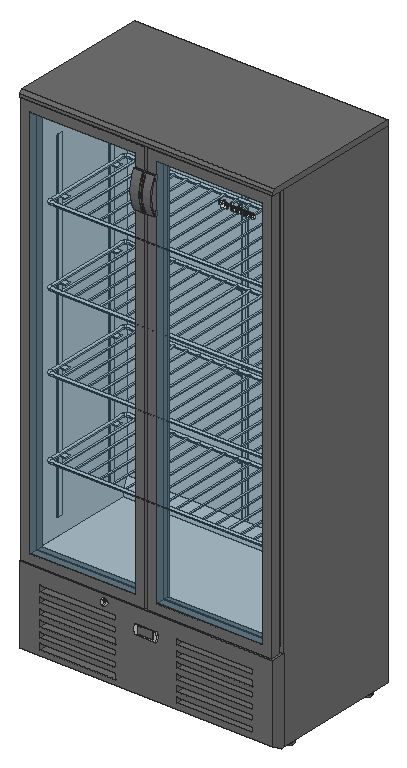
Revit family "QF_INFRICO_ERV83_250807111343", category Specialty Equipment, Revit 2021
Family settings
  Round Connector Dimension = Use Diameter
  Part Type = Normal
  OmniClass Number = 23.40.40.14
  OmniClass Title = Food Service Equipment
  Work Plane-Based = No
  Always vertical = Yes
  Cut with Voids When Loaded = No
  Shared = No
  Room Calculation Point = No
Parameters (values of type "ERV83")
  Weight [instance] = 138.999 kg
  Warranty Start Date [instance] = ""
  Warranty Duration [instance] = ""
  Volts [instance] = 230 V
  Volt Free Conn [instance] = no
  URL Recommended Spares List [instance] = ""
  URL Manufacturer [instance] = ""
  URL Cutsheet [instance] = ""
  URL Critical Spares List [instance] = ""
  URL = "www.infrico.com"
  Technical Documentation [instance] = ""
  Tag Number [instance] = ""
  Status [instance] = ""
  Start Up Current [instance] = 0 A
  Specification by User [instance] = ""
  Specification by Manufacturer [instance] = ""
  Sound Level [instance] = ""
  Show Logo [instance] = yes
  Show Clearances [instance] = yes
  Service Life Duration [instance] = ""
  Serial Number [instance] = ""
  Seismic Rating [instance] = ""
  SMACNA No [instance] = ""
  Revision Code [instance] = ""
  Revision [instance] = ""
  Production Year [instance] = ""
  Potential Equalisation [instance] = no
  Point Load [instance] = 0
  Phase [instance] = 1
  Other Equipment Approvals [instance] = ""
  Operational Current [instance] = 0 A
  Number of Poles [instance] = 2
  No Load Power Draw [instance] = no
  NAFEM Spec ID Number [instance] = ""
  Model Warning [instance] = ""
  Model = "ERV83"
  Min Ckt Ampacity [instance] = 0 A
  Max Overcurrent Protection [instance] = 0 A
  Masterspec [instance] = ""
  Manufacturer = "INFRICO"
  Main switch integrated [instance] = no
  Length Actual [instance] = 899.922 mm
  Item Number [instance] = ""
  Installed By [instance] = ""
  Installation Date [instance] = ""
  Identify Quantity as Lot [instance] = no
  ID [instance] = ""
  Hygiene Approval [instance] = ""
  Height Actual [instance] = 1819.91 mm
  HP power [instance] = ""
  Furnished By [instance] = ""
  Foodservice Equipment Identifier [instance] = no
  FL Amps [instance] = 0 A
  Electrical Remarks [instance] = ""
  Electric power [instance] = 440 W
  Electric Connection Type [instance] = ""
  Elec Conn RI Height [instance] = 0 mm
  Elec Conn Connection Height [instance] = 0 mm
  ETL Approved [instance] = no
  Description = "GLASS DOOR MERCHANDISER - TWO DOORS - R290"
  Depth Actual [instance] = 510.032 mm
  Default Elevation = 0 mm
  Cycle [instance] = 50 Hz
  Cost = 0
  Connection to energy optimisation system [instance] = yes
  Conn Plug [instance] = ""
  Conn Conduit [instance] = no
  Centralized building control system with digital interface [instance] = ""
  CSI MasterFormat [instance] = ""
  CE Approved [instance] = no
  Barcode [instance] = 0
  Author [instance] = ""
  Asset Identifier [instance] = ""
  Apparent Power [instance] = 440 VA
  Accessory [instance] = no
Reference planes
  plane 1 "Center (Front/Back)": y = 0
  plane 2: z = 0
  plane 3 "Center (Left/Right)": x = 0
Forms (mm)
  Extrusion 1, solid, not visible
    sketch origin (827.04, -4, 285.014) x (1, 0, 0) y (0, 1, 0)
      loop
        line (-2, 2) -> (-2, -2) -> (2, -2) -> (2, 2) -> (-2, 2)
    from -2 to 2
Dimensions and locks
  locked: Extrusion 1 to nested 2
  locked: nested 2 to Extrusion 1 at 2
  aligned and locked: level to plane 2
Nested families
  nested 1: "QF_INFRICO_ERV83_2920" at (0, 0, 0), type "ERV83"
    with Weight 138.999 kg, Warranty Start Date "", Warranty Duration "", URL Cutsheet "", Technical Documentation "", Tag Number "", Status "", Specification by User "", Specification by Manufacturer "", Sound Level "", Solid Fuel Type "", Show Logo yes, Show Clearances yes, Show Clearance yes, Service Life Duration "", Serial Number "", Seismic Rating "", SMACNA No "", Revision Code "", Revision "", Production Year "", Point Load 0, Other Equipment Approvals "", NAFEM Spec ID Number "", Model Warning "", Masterspec "", Length Actual 899.922 mm, Item Number "", Installed By "", Installation Date "", Identify Quantity as Lot yes, ID "", Hygiene Approval "", Height Actual 1819.91 mm, Furnished By "", Foodservice Equipment Identifier yes, ETL Approved yes, Depth Actual 510.032 mm, CSI MasterFormat "", CE Approved no, Barcode "", Author "", Asset Identifier "", Accessory no
  nested 2: "CONN_POINT_ELE_2D___Generic_Annotation" at (827.04, -2, 285.014), type "CONN_POINT_ELE_2D___Generic_Annotation"
    with Onboard connection annotation symbol visibility yes
Connectors
  electrical at (827.04, -2, 285.014), driven by "Apparent Power", driven by "Number of Poles", driven by "Volts"
    settings: on Extrusion 1, index 1, voltage 230 V, apparent load 0 VA, apparent load phase1 440 VA, apparent load phase2 0 VA, apparent load phase3 0 VA, power factor 1, load classification "Other", number of poles 2, system type 31, power factor state 1, is connector primary yes, connector utility no, sub classification motor no, connector description "Electrical connection for ERV83"
Definition of nested family "QF_INFRICO_ERV83_2920"
  Parameters (values of type "ERV83")
    Weight [instance] = 0.00 kg
    Warranty Start Date [instance] = ""
    Warranty Duration [instance] = ""
    URL Cutsheet [instance] = ""
    URL = "www.infrico.com"
    Technical Documentation [instance] = ""
    Tag Number [instance] = ""
    Status [instance] = ""
    Specification by User [instance] = ""
    Specification by Manufacturer [instance] = ""
    Sound Level [instance] = ""
    Solid Fuel Type [instance] = ""
    Show Logo [instance] = yes
    Show Clearances [instance] = yes
    Show Clearance [instance] = yes
    Service Life Duration [instance] = ""
    Serial Number [instance] = ""
    Seismic Rating [instance] = ""
    SMACNA No [instance] = ""
    Revision Code [instance] = ""
    Revision [instance] = ""
    Production Year [instance] = ""
    Point Load [instance] = 0
    Other Equipment Approvals [instance] = ""
    NAFEM Spec ID Number [instance] = ""
    Model Warning [instance] = ""
    Model = "ERV83"
    Masterspec [instance] = ""
    Manufacturer = "INFRICO"
    Length Actual [instance] = 0 mm
    Item Number [instance] = ""
    Installed By [instance] = ""
    Installation Date [instance] = ""
    Identify Quantity as Lot [instance] = yes
    ID [instance] = ""
    Hygiene Approval [instance] = ""
    Height Actual [instance] = 0 mm
    Furnished By [instance] = ""
    Foodservice Equipment Identifier [instance] = yes
    ETL Approved [instance] = yes
    Description = "GLASS DOOR MERCHANDISER - TWO DOORS - R290"
    Depth Actual [instance] = 0 mm
    Default Elevation = 0 mm
    CSI MasterFormat [instance] = ""
    CE Approved [instance] = yes
    Barcode [instance] = ""
    Author [instance] = ""
    Asset Identifier [instance] = ""
    Assembly Code = "E1090320"
    Accessory [instance] = yes
  Reference planes
    plane 1 "Back": y = 0
    plane 2: z = 0
    plane 3 "Left": x = 0
    plane 4 "Right": x = 900
    plane 5 "Front": y = -510
    plane 6 "Top": z = 1820
  Forms (mm)
    Extrusion 1, solid
      sketch origin (0, 0, -18) x (0, 1, 0) y (0, 0, 1)
        loop
          line (0, 1805) -> (-460, 1805) -> (-460, 30) -> (0, 30) -> (0, 1805)
      from 0 to 30
    Extrusion 2, solid
      sketch origin (0, 0, 887) x (0, 1, 0) y (0, 0, 1)
        loop
          line (0, 900) -> (0, 920) -> (-500, 920) -> (-510, 910) -> (-510, 900) -> (0, 900)
      from 0 to 900
    Extrusion 3, solid
      sketch origin (870, 0, -18) x (0, 1, 0) y (0, 0, 1)
        loop
          line (0, 1805) -> (-460, 1805) -> (-460, 30) -> (0, 30) -> (0, 1805)
      from 0 to 30
    Extrusion 4, solid
      sketch origin (0, 0, 62) x (1, 0, 0) y (0, 0, 1)
        loop
          line (30, 1716.5) -> (30, 262) -> (870, 262) -> (870, 1716.5) -> (30, 1716.5)
      from 0 to 12
    Extrusion 5, solid
      sketch origin (0, 0, -13) x (1, 0, 0) y (0, 0, 1)
        loop
          line (30, 337) -> (30, 25) -> (870, 25) -> (870, 337) -> (30, 337)
      from 0 to 12
    Extrusion 6, solid
      sketch origin (0, 0, -13) x (0, 1, 0) y (0, 0, 1)
        loop
          line (-12, 25) -> (-12, 35) -> (-460, 35) -> (-460, 25) -> (-12, 25)
      from 30 to 870
    Extrusion 7, solid
      sketch origin (0, 0, -112) x (0, 1, 0) y (0, 0, 1)
        loop
          line (-460, 144) -> (-510, 144) -> (-473, 124) -> (-460, 124) -> (-460, 144)
      from 0 to 900
    Extrusion 8, solid
      sketch origin (-562.5, -515, -301) x (1, 0, 0) y (0, 0, -1)
        loop
          arc (974, -555) -> (1012.5, -557) -> (1051, -555) r 371.563
          arc (1051, -555) -> (1052, -539) -> (1051, -523) r 128.5
          arc (1051, -523) -> (1012.5, -521) -> (974, -523) r 371.563
          arc (974, -523) -> (973, -539) -> (974, -555) r 128.5
      from 0 to 5
    Extrusion 9, solid
      sketch origin (-562.5, -515.1, -301) x (1, 0, 0) y (0, 0, -1)
        loop
          line (1038, -528.124) -> (987, -528.124) -> (987, -556.124)
          arc (987, -556.124) -> (1012.5, -557) -> (1038, -556.124) r 371.563
          line (1038, -556.124) -> (1038, -528.124)
      from 0 to 2
    Extrusion 10, solid
      sketch origin (450, -480, 215.5) x (1, 0, 0) y (0, 0, 1)
        loop
          line (5, 1569.5) -> (5, 97.5) -> (445, 97.5) -> (445, 1569.5) -> (5, 1569.5)
        loop
          line (413, 1537.5) -> (37, 1537.5) -> (37, 129.5) -> (413, 129.5) -> (413, 1537.5)
      from 0 to 30
    Extrusion 11, solid
      sketch origin (-550, -460, 215.5) x (1, 0, 0) y (0, 0, 1)
        loop
          line (1015, 1559.5) -> (1015, 107.5) -> (1435, 107.5) -> (1435, 1559.5) -> (1015, 1559.5)
        loop
          line (1037, 1537.5) -> (1037, 129.5) -> (1413, 129.5) -> (1413, 1537.5) -> (1037, 1537.5)
      from 0 to 20
    Extrusion 12, solid, visible <- "Show Logo"
      sketch origin (-453.231, -510, 994.214) x (1, 0, 0) y (0, 0, 1)
        loop
          line (1208.799, 696.53) -> (1208.799, 719.204) -> (1204.173, 719.204) -> (1204.173, 696.53) -> (1208.799, 696.53)
        loop
          line (1214.779, 713.006) -> (1211.283, 713.006) -> (1211.283, 696.53) -> (1215.772, 696.53) -> (1215.772, 707.832)
          arc (1215.772, 707.832) -> (1217.528, 708.741) -> (1219.417, 709.324) r 11.052
          arc (1219.417, 709.324) -> (1220.929, 708.961) -> (1221.598, 707.557) r 1.806
          line (1221.598, 707.557) -> (1221.598, 696.53) -> (1226.121, 696.53) -> (1226.121, 708.689)
          arc (1226.121, 708.689) -> (1224.637, 712.075) -> (1221.141, 713.281) r 4.607
          arc (1221.141, 713.281) -> (1218.282, 712.674) -> (1215.669, 711.361) r 11.435
          line (1215.669, 711.361) -> (1215.601, 712.184)
          arc (1215.601, 712.184) -> (1215.36, 712.765) -> (1214.779, 713.006) r 0.822
        loop
          line (1238.557, 720.102) -> (1237.306, 720.102)
          arc (1237.306, 720.102) -> (1235.052, 719.926) -> (1232.881, 719.297) r 11.103
          arc (1232.881, 719.297) -> (1230.805, 717.616) -> (1230.024, 715.062) r 4.567
          line (1230.024, 715.062) -> (1230.024, 712.909) -> (1227.351, 712.703) -> (1227.351, 709.374) -> (1230.024, 709.374) -> (1230.024, 696.53) -> (1234.547, 696.53) -> (1234.547, 709.374) -> (1238.249, 709.374) -> (1238.249, 712.938) -> (1234.547, 712.938) -> (1234.547, 714.548)
          arc (1234.547, 714.548) -> (1234.956, 715.705) -> (1236.045, 716.271) r 1.67
          line (1236.045, 716.271) -> (1237.7, 716.399)
          arc (1237.7, 716.399) -> (1238.306, 716.65) -> (1238.557, 717.255) r 0.857
          line (1238.557, 717.255) -> (1238.557, 720.102)
        loop
          line (1239.479, 713.006) -> (1239.479, 696.53) -> (1243.968, 696.53) -> (1243.968, 707.352)
          arc (1243.968, 707.352) -> (1245.873, 708.631) -> (1248.077, 709.268) r 7.435
          line (1248.077, 709.268) -> (1249.241, 709.416)
          arc (1249.241, 709.416) -> (1249.643, 709.758) -> (1249.793, 710.265) r 0.928
          line (1249.793, 710.265) -> (1249.793, 712.458)
          arc (1249.793, 712.458) -> (1249.531, 713.061) -> (1248.912, 713.28) r 0.824
          arc (1248.912, 713.28) -> (1246.197, 712.588) -> (1243.899, 710.984) r 7.833
          line (1243.899, 710.984) -> (1243.726, 713.006) -> (1239.479, 713.006)
        loop
          line (1255.495, 696.53) -> (1255.495, 713.006) -> (1251.006, 713.006) -> (1251.006, 696.53) -> (1255.495, 696.53)
        loop
          arc (1257.421, 701.327) -> (1258.567, 698.188) -> (1261.466, 696.525) r 4.873
          arc (1261.466, 696.525) -> (1264.493, 696.266) -> (1267.521, 696.525) r 17.816
          arc (1267.521, 696.525) -> (1270.575, 699.134) -> (1271.505, 703.041) r 6.481
          line (1271.505, 703.041) -> (1267.187, 703.041) -> (1267.187, 701.67)
          arc (1267.187, 701.67) -> (1266.64, 700.452) -> (1265.442, 699.865) r 1.965
          arc (1265.442, 699.865) -> (1264.547, 699.816) -> (1263.653, 699.865) r 8.196
          arc (1263.653, 699.865) -> (1262.417, 700.415) -> (1261.91, 701.67) r 1.806
          line (1261.91, 701.67) -> (1261.91, 707.9)
          arc (1261.91, 707.9) -> (1262.417, 709.155) -> (1263.653, 709.705) r 1.806
          arc (1263.653, 709.705) -> (1264.547, 709.754) -> (1265.442, 709.705) r 8.196
          arc (1265.442, 709.705) -> (1266.64, 709.118) -> (1267.187, 707.9) r 1.965
          line (1267.187, 707.9) -> (1267.187, 706.838) -> (1271.505, 706.838)
          arc (1271.505, 706.838) -> (1270.524, 710.556) -> (1267.521, 712.959) r 6.132
          arc (1267.521, 712.959) -> (1264.493, 713.294) -> (1261.466, 712.959) r 13.851
          arc (1261.466, 712.959) -> (1258.571, 711.349) -> (1257.421, 708.243) r 4.772
          line (1257.421, 708.243) -> (1257.421, 701.327)
        loop
          arc (1272.916, 701.329) -> (1273.993, 698.345) -> (1276.726, 696.734) r 4.676
          arc (1276.726, 696.734) -> (1278.515, 696.455) -> (1280.318, 696.291) r 28.371
          arc (1280.318, 696.291) -> (1282.122, 696.455) -> (1283.911, 696.734) r 28.371
          arc (1283.911, 696.734) -> (1286.644, 698.345) -> (1287.72, 701.329) r 4.676
          line (1287.72, 701.329) -> (1287.72, 708.242)
          arc (1287.72, 708.242) -> (1286.644, 711.226) -> (1283.911, 712.837) r 4.676
          arc (1283.911, 712.837) -> (1282.122, 713.116) -> (1280.318, 713.28) r 28.371
          arc (1280.318, 713.28) -> (1278.515, 713.116) -> (1276.726, 712.837) r 28.371
          arc (1276.726, 712.837) -> (1273.993, 711.226) -> (1272.916, 708.242) r 4.676
          line (1272.916, 708.242) -> (1272.916, 701.329)
        loop
          line (1277.405, 707.866) -> (1277.405, 701.705)
          arc (1277.405, 701.705) -> (1277.844, 700.556) -> (1278.936, 699.991) r 1.725
          arc (1278.936, 699.991) -> (1279.627, 699.918) -> (1280.318, 699.856) r 46.133
          arc (1280.318, 699.856) -> (1281.01, 699.918) -> (1281.701, 699.991) r 46.133
          arc (1281.701, 699.991) -> (1282.793, 700.556) -> (1283.231, 701.705) r 1.725
          line (1283.231, 701.705) -> (1283.231, 707.866)
          arc (1283.231, 707.866) -> (1282.793, 709.015) -> (1281.701, 709.58) r 1.725
          arc (1281.701, 709.58) -> (1281.01, 709.653) -> (1280.318, 709.716) r 46.133
          arc (1280.318, 709.716) -> (1279.627, 709.653) -> (1278.936, 709.58) r 46.133
          arc (1278.936, 709.58) -> (1277.844, 709.015) -> (1277.405, 707.866) r 1.725
        loop
          arc (1190.339, 696.543) -> (1191.411, 696.987) -> (1191.856, 698.059) r 1.516
          line (1191.856, 698.059) -> (1191.856, 703.891) -> (1196.035, 703.891)
          arc (1196.035, 703.891) -> (1196.79, 704.121) -> (1197.218, 704.782) r 1.147
          line (1197.218, 704.782) -> (1197.218, 706.211)
          arc (1197.218, 706.211) -> (1196.787, 707.258) -> (1195.719, 707.634) r 1.385
          line (1195.719, 707.634) -> (1194.52, 707.634) -> (1197.218, 710.332)
          arc (1197.218, 710.332) -> (1197.605, 711.266) -> (1197.218, 712.2) r 1.321
          line (1197.218, 712.2) -> (1196.495, 712.923)
          arc (1196.495, 712.923) -> (1195.54, 713.338) -> (1194.558, 712.991) r 1.422
          line (1194.558, 712.991) -> (1191.853, 710.286) -> (1191.853, 711.479)
          arc (1191.853, 711.479) -> (1191.443, 712.516) -> (1190.435, 712.992) r 1.516
          line (1190.435, 712.992) -> (1189.514, 712.992)
          arc (1189.514, 712.992) -> (1188.511, 712.514) -> (1188.103, 711.479) r 1.516
          line (1188.103, 711.479) -> (1188.103, 706.83) -> (1182.073, 701.336) -> (1182.073, 707.509) -> (1185.639, 711.075)
          arc (1185.639, 711.075) -> (1186.053, 712.073) -> (1185.639, 713.071) r 1.412
          line (1185.639, 713.071) -> (1184.987, 713.723)
          arc (1184.987, 713.723) -> (1183.939, 714.141) -> (1182.915, 713.667) r 1.428
          line (1182.915, 713.667) -> (1182.073, 712.825) -> (1182.073, 717.784)
          arc (1182.073, 717.784) -> (1181.658, 718.787) -> (1180.655, 719.203) r 1.418
          line (1180.655, 719.203) -> (1179.726, 719.203)
          arc (1179.726, 719.203) -> (1178.723, 718.787) -> (1178.308, 717.784) r 1.418
          line (1178.308, 717.784) -> (1178.308, 712.825) -> (1177.466, 713.667)
          arc (1177.466, 713.667) -> (1176.442, 714.141) -> (1175.394, 713.723) r 1.428
          line (1175.394, 713.723) -> (1174.742, 713.071)
          arc (1174.742, 713.071) -> (1174.328, 712.073) -> (1174.742, 711.075) r 1.412
          line (1174.742, 711.075) -> (1178.308, 707.509) -> (1178.308, 701.336) -> (1172.278, 706.83) -> (1172.278, 711.479)
          arc (1172.278, 711.479) -> (1171.87, 712.514) -> (1170.867, 712.992) r 1.516
          line (1170.867, 712.992) -> (1169.946, 712.992)
          arc (1169.946, 712.992) -> (1168.938, 712.516) -> (1168.528, 711.479) r 1.516
          line (1168.528, 711.479) -> (1168.528, 710.286) -> (1165.823, 712.991)
          arc (1165.823, 712.991) -> (1164.841, 713.338) -> (1163.886, 712.923) r 1.422
          line (1163.886, 712.923) -> (1163.163, 712.2)
          arc (1163.163, 712.2) -> (1162.776, 711.266) -> (1163.163, 710.332) r 1.321
          line (1163.163, 710.332) -> (1165.861, 707.634) -> (1164.662, 707.634)
          arc (1164.662, 707.634) -> (1163.594, 707.258) -> (1163.163, 706.211) r 1.385
          line (1163.163, 706.211) -> (1163.163, 704.782)
          arc (1163.163, 704.782) -> (1163.591, 704.121) -> (1164.346, 703.891) r 1.147
          line (1164.346, 703.891) -> (1168.525, 703.891) -> (1168.525, 698.059)
          arc (1168.525, 698.059) -> (1168.969, 696.987) -> (1170.042, 696.543) r 1.516
          line (1170.042, 696.543) -> (1190.339, 696.543)
      from 0 to 2
    Extrusion 13, solid
      sketch origin (-550, -510, 811.5) x (1, 0, 0) y (0, 0, 1)
        loop
          line (1005, 897.5) -> (1005, 895.5) -> (1037, 880.5) -> (1037, 897.5) -> (1005, 897.5)
      from 0 to 3
    Extrusion 14, solid
      sketch origin (-550, -510, 2476.5) x (1, 0, 0) y (0, 0, 1)
        loop
          line (1005, -897.5) -> (1037, -897.5) -> (1037, -880.5) -> (1005, -895.5) -> (1005, -897.5)
      from 0 to 3
    Extrusion 15, solid
      sketch origin (-550, 0, 861.5) x (0, 1, 0) y (0, 0, 1)
        loop
          line (-513, 845.5) -> (-513, 847.5) -> (-518.104, 847.5)
          arc (-518.104, 847.5) -> (-537.038, 782.5) -> (-518.104, 717.5) r 121.038
          line (-518.104, 717.5) -> (-513, 717.5) -> (-513, 719.5) -> (-517, 719.5)
          arc (-517, 719.5) -> (-535.038, 782.5) -> (-517, 845.5) r 119.038
          line (-517, 845.5) -> (-513, 845.5)
      from 1005 to 1037
    Extrusion 16, solid
      sketch origin (-550, 0, 1459) x (1, 0, 0) y (0, 1, 0)
        loop
          line (1005, -513) -> (1005, -487) -> (1002, -490) -> (1002, -513) -> (1005, -513)
      from 120 to 250
    Extrusion 17, solid
      sketch origin (-550, 0, 861.5) x (0, 1, 0) y (0, 0, 1)
        loop
          line (-513, 847.5) -> (-518.104, 847.5)
          arc (-518.104, 847.5) -> (-537.038, 782.5) -> (-518.104, 717.5) r 121.038
          line (-518.104, 717.5) -> (-513, 717.5) -> (-513, 847.5)
      from 1002 to 1005
    Revolve 18, solid
      sketch origin (15, -70, 0) x (0, 1, 0) y (0, 0, 1)
        loop
          line (0, 0) -> (0, 12) -> (-5, 12) -> (-5, 9.5) -> (-13, 9.5)
          arc (-13, 9.5) -> (-14.414, 8.914) -> (-15, 7.5) r 2
          line (-15, 7.5) -> (-15, 2.5) -> (-12, 2.5) -> (-12, 0) -> (0, 0)
        axis (0, 0) -> (0, 12)
      angle from 0 to 360
    Revolve 19, solid
      sketch origin (15, -420, 0) x (0, 1, 0) y (0, 0, 1)
        loop
          line (0, 0) -> (0, 12) -> (-5, 12) -> (-5, 9.5) -> (-13, 9.5)
          arc (-13, 9.5) -> (-14.414, 8.914) -> (-15, 7.5) r 2
          line (-15, 7.5) -> (-15, 2.5) -> (-12, 2.5) -> (-12, 0) -> (0, 0)
        axis (0, 0) -> (0, 12)
      angle from 0 to 360
    Revolve 20, solid
      sketch origin (885, -70, 0) x (0, 1, 0) y (0, 0, 1)
        loop
          line (0, 0) -> (0, 12) -> (-5, 12) -> (-5, 9.5) -> (-13, 9.5)
          arc (-13, 9.5) -> (-14.414, 8.914) -> (-15, 7.5) r 2
          line (-15, 7.5) -> (-15, 2.5) -> (-12, 2.5) -> (-12, 0) -> (0, 0)
        axis (0, 0) -> (0, 12)
      angle from 0 to 360
    Revolve 21, solid
      sketch origin (885, -420, 0) x (0, 1, 0) y (0, 0, 1)
        loop
          line (0, 0) -> (0, 12) -> (-5, 12) -> (-5, 9.5) -> (-13, 9.5)
          arc (-13, 9.5) -> (-14.414, 8.914) -> (-15, 7.5) r 2
          line (-15, 7.5) -> (-15, 2.5) -> (-12, 2.5) -> (-12, 0) -> (0, 0)
        axis (0, 0) -> (0, 12)
      angle from 0 to 360
    Revolve 22, solid
      sketch origin (300, 0, 240.5) x (0, 1, 0) y (0, 0, 1)
        loop
          line (-515, 34.5) -> (-510, 32) -> (-510, 43.5) -> (-515, 43.5) -> (-515, 34.5)
        axis (-510, 43.5) -> (-515, 43.5)
      angle from 0 to 360
    Extrusion 23, solid
      sketch origin (0, 0, -815) x (0, 1, 0) y (0, 0, 1)
        loop
          line (-458, 1157.5) -> (-458, 1145.5) -> (-81, 1145.5) -> (-81, 1174.667) -> (-61, 1214.667) -> (-61, 2394.333) -> (-81, 2434.333) -> (-81, 2593.5) -> (-458, 2593.5) -> (-458, 2581.5) -> (-93, 2581.5) -> (-93, 2431.5) -> (-73, 2391.5) -> (-73, 1217.5) -> (-93, 1177.5) -> (-93, 1157.5) -> (-458, 1157.5)
      from 30 to 870
    Extrusion 24, solid, visible <- "Show Clearance", detail levels coarse
      sketch origin (900, 0, 228.5) x (-1, 0, 0) y (0, -1, 0)
        loop
          line (5, 510) -> (445, 510)
          arc (445, 510) -> (324.914, 799.914) -> (35, 920) r 410
          line (35, 920) -> (5, 920) -> (5, 510)
      from 84.5 to 1556.5
    Extrusion 25, solid
      sketch origin (-550, -508, 228.5) x (1, 0, 0) y (0, 0, 1)
        loop
          line (1037, 1524.5) -> (1037, 116.5) -> (1413, 116.5) -> (1413, 1524.5) -> (1037, 1524.5)
      from 0 to 2
    Extrusion 26, solid
      sketch origin (-925.627, -156, 407.5) x (1, 0, 0) y (0, 1, 0)
        loop
          line (957.627, 0) -> (958.627, 0) -> (958.627, 1) -> (962.627, 3) -> (962.627, 18) -> (958.627, 20) -> (958.627, 21) -> (957.627, 21) -> (957.627, 19.382) -> (961.627, 17.382) -> (961.627, 3.618) -> (957.627, 1.618) -> (957.627, 0)
      from 0 to 1218
    Extrusion 27, solid
      sketch origin (-829.627, -156, 603.5) x (1, 0, 0) y (0, 1, 0)
        loop
          line (862.627, 21) -> (862.627, 20) -> (866.627, 18) -> (866.627, 3) -> (862.627, 1) -> (862.627, 0) -> (892.627, 0) -> (892.627, 21) -> (862.627, 21)
      from 0 to 2
    Extrusion 28, solid
      sketch origin (-925.627, -386, 407.5) x (1, 0, 0) y (0, 1, 0)
        loop
          line (957.627, 0) -> (958.627, 0) -> (958.627, 1) -> (962.627, 3) -> (962.627, 18) -> (958.627, 20) -> (958.627, 21) -> (957.627, 21) -> (957.627, 19.382) -> (961.627, 17.382) -> (961.627, 3.618) -> (957.627, 1.618) -> (957.627, 0)
      from 0 to 1218
    Extrusion 29, solid
      sketch origin (-829.627, -386, 603.5) x (1, 0, 0) y (0, 1, 0)
        loop
          line (862.627, 21) -> (862.627, 20) -> (866.627, 18) -> (866.627, 3) -> (862.627, 1) -> (862.627, 0) -> (892.627, 0) -> (892.627, 21) -> (862.627, 21)
      from 0 to 2
    Extrusion 30, solid
      sketch origin (1825.627, -156, 407.5) x (-1, 0, 0) y (0, -1, 0)
        loop
          line (957.627, 0) -> (957.627, -1.618) -> (961.627, -3.618) -> (961.627, -17.382) -> (957.627, -19.382) -> (957.627, -21) -> (958.627, -21) -> (958.627, -20) -> (962.627, -18) -> (962.627, -3) -> (958.627, -1) -> (958.627, 0) -> (957.627, 0)
      from 0 to 1218
    Extrusion 31, solid
      sketch origin (1729.627, -156, 603.5) x (-1, 0, 0) y (0, -1, 0)
        loop
          line (862.627, -21) -> (892.627, -21) -> (892.627, 0) -> (862.627, 0) -> (862.627, -1) -> (866.627, -3) -> (866.627, -18) -> (862.627, -20) -> (862.627, -21)
      from 0 to 2
    Extrusion 32, solid
      sketch origin (1825.627, -386, 407.5) x (-1, 0, 0) y (0, -1, 0)
        loop
          line (957.627, 0) -> (957.627, -1.618) -> (961.627, -3.618) -> (961.627, -17.382) -> (957.627, -19.382) -> (957.627, -21) -> (958.627, -21) -> (958.627, -20) -> (962.627, -18) -> (962.627, -3) -> (958.627, -1) -> (958.627, 0) -> (957.627, 0)
      from 0 to 1218
    Extrusion 33, solid
      sketch origin (1729.627, -386, 603.5) x (-1, 0, 0) y (0, -1, 0)
        loop
          line (862.627, -21) -> (892.627, -21) -> (892.627, 0) -> (862.627, 0) -> (862.627, -1) -> (866.627, -3) -> (866.627, -18) -> (862.627, -20) -> (862.627, -21)
      from 0 to 2
    Extrusion 34, solid
      sketch origin (0, 0, 226) x (0, 1, 0) y (0, 0, 1)
        loop
          line (-460, 104.5) -> (-460, 82) -> (-458, 82) -> (-458, 104.5) -> (-460, 104.5)
      from 30 to 413
    Extrusion 35, solid
      sketch origin (0, 0, 1682.5) x (0, 1, 0) y (0, 0, 1)
        loop
          line (-460, 104.5) -> (-460, 70.5) -> (-458, 70.5) -> (-458, 104.5) -> (-460, 104.5)
      from 30 to 413
    Extrusion 36, solid
      sketch origin (-829.627, -156, 883.5) x (1, 0, 0) y (0, 1, 0)
        loop
          line (862.627, 21) -> (862.627, 20) -> (866.627, 18) -> (866.627, 3) -> (862.627, 1) -> (862.627, 0) -> (892.627, 0) -> (892.627, 21) -> (862.627, 21)
      from 0 to 2
    Extrusion 37, solid
      sketch origin (-829.627, -386, 883.5) x (1, 0, 0) y (0, 1, 0)
        loop
          line (862.627, 21) -> (862.627, 20) -> (866.627, 18) -> (866.627, 3) -> (862.627, 1) -> (862.627, 0) -> (892.627, 0) -> (892.627, 21) -> (862.627, 21)
      from 0 to 2
    Extrusion 38, solid
      sketch origin (1729.627, -156, 883.5) x (-1, 0, 0) y (0, -1, 0)
        loop
          line (862.627, -21) -> (892.627, -21) -> (892.627, 0) -> (862.627, 0) -> (862.627, -1) -> (866.627, -3) -> (866.627, -18) -> (862.627, -20) -> (862.627, -21)
      from 0 to 2
    Extrusion 39, solid
      sketch origin (1729.627, -386, 883.5) x (-1, 0, 0) y (0, -1, 0)
        loop
          line (862.627, -21) -> (892.627, -21) -> (892.627, 0) -> (862.627, 0) -> (862.627, -1) -> (866.627, -3) -> (866.627, -18) -> (862.627, -20) -> (862.627, -21)
      from 0 to 2
    Extrusion 40, solid
      sketch origin (-829.627, -156, 1153.5) x (1, 0, 0) y (0, 1, 0)
        loop
          line (862.627, 21) -> (862.627, 20) -> (866.627, 18) -> (866.627, 3) -> (862.627, 1) -> (862.627, 0) -> (892.627, 0) -> (892.627, 21) -> (862.627, 21)
      from 0 to 2
    Extrusion 41, solid
      sketch origin (-829.627, -386, 1153.5) x (1, 0, 0) y (0, 1, 0)
        loop
          line (862.627, 21) -> (862.627, 20) -> (866.627, 18) -> (866.627, 3) -> (862.627, 1) -> (862.627, 0) -> (892.627, 0) -> (892.627, 21) -> (862.627, 21)
      from 0 to 2
    Extrusion 42, solid
      sketch origin (1729.627, -156, 1153.5) x (-1, 0, 0) y (0, -1, 0)
        loop
          line (862.627, -21) -> (892.627, -21) -> (892.627, 0) -> (862.627, 0) -> (862.627, -1) -> (866.627, -3) -> (866.627, -18) -> (862.627, -20) -> (862.627, -21)
      from 0 to 2
    Extrusion 43, solid
      sketch origin (1729.627, -386, 1153.5) x (-1, 0, 0) y (0, -1, 0)
        loop
          line (862.627, -21) -> (892.627, -21) -> (892.627, 0) -> (862.627, 0) -> (862.627, -1) -> (866.627, -3) -> (866.627, -18) -> (862.627, -20) -> (862.627, -21)
      from 0 to 2
    Extrusion 44, solid
      sketch origin (-829.627, -156, 1428.5) x (1, 0, 0) y (0, 1, 0)
        loop
          line (862.627, 21) -> (862.627, 20) -> (866.627, 18) -> (866.627, 3) -> (862.627, 1) -> (862.627, 0) -> (892.627, 0) -> (892.627, 21) -> (862.627, 21)
      from 0 to 2
    Extrusion 45, solid
      sketch origin (-829.627, -386, 1428.5) x (1, 0, 0) y (0, 1, 0)
        loop
          line (862.627, 21) -> (862.627, 20) -> (866.627, 18) -> (866.627, 3) -> (862.627, 1) -> (862.627, 0) -> (892.627, 0) -> (892.627, 21) -> (862.627, 21)
      from 0 to 2
    Extrusion 46, solid
      sketch origin (1729.627, -156, 1428.5) x (-1, 0, 0) y (0, -1, 0)
        loop
          line (862.627, -21) -> (892.627, -21) -> (892.627, 0) -> (862.627, 0) -> (862.627, -1) -> (866.627, -3) -> (866.627, -18) -> (862.627, -20) -> (862.627, -21)
      from 0 to 2
    Extrusion 47, solid
      sketch origin (1729.627, -386, 1428.5) x (-1, 0, 0) y (0, -1, 0)
        loop
          line (862.627, -21) -> (892.627, -21) -> (892.627, 0) -> (862.627, 0) -> (862.627, -1) -> (866.627, -3) -> (866.627, -18) -> (862.627, -20) -> (862.627, -21)
      from 0 to 2
    Extrusion 48, solid
      sketch origin (-1000, 0, 0) x (1, 0, 0) y (0, 0, 1)
        loop
          line (1000, 308) -> (1000, 32) -> (1900, 32) -> (1900, 308) -> (1000, 308)
        loop
          line (1072, 257) -> (1072, 237) -> (1342, 237) -> (1342, 257) -> (1072, 257)
        loop
          line (1072, 220) -> (1072, 200) -> (1342, 200) -> (1342, 220) -> (1072, 220)
        loop
          line (1072, 183) -> (1072, 163) -> (1342, 163) -> (1342, 183) -> (1072, 183)
        loop
          line (1072, 146) -> (1072, 126) -> (1342, 126) -> (1342, 146) -> (1072, 146)
        loop
          line (1072, 109) -> (1072, 89) -> (1342, 89) -> (1342, 109) -> (1072, 109)
        loop
          line (1072, 72) -> (1072, 52) -> (1342, 52) -> (1342, 72) -> (1072, 72)
        loop
          line (1828, 257) -> (1558, 257) -> (1558, 237) -> (1828, 237) -> (1828, 257)
        loop
          line (1828, 220) -> (1558, 220) -> (1558, 200) -> (1828, 200) -> (1828, 220)
        loop
          line (1828, 183) -> (1558, 183) -> (1558, 163) -> (1828, 163) -> (1828, 183)
        loop
          line (1828, 146) -> (1558, 146) -> (1558, 126) -> (1828, 126) -> (1828, 146)
        loop
          line (1828, 109) -> (1558, 109) -> (1558, 89) -> (1828, 89) -> (1828, 109)
        loop
          line (1828, 72) -> (1558, 72) -> (1558, 52) -> (1828, 52) -> (1828, 72)
      from 460 to 510
    Extrusion 49, solid
      sketch origin (-990, 0, 2.5) x (1, 0, 0) y (0, 0, 1)
        loop
          circle (1345, 1433) r 2.5
        loop
          circle (1390, 1433) r 2.5
        loop
          circle (1435, 1433) r 2.5
        loop
          circle (1480, 1433) r 2.5
        loop
          circle (1525, 1433) r 2.5
        loop
          circle (1075, 1433) r 2.5
        loop
          circle (1120, 1433) r 2.5
        loop
          circle (1165, 1433) r 2.5
        loop
          circle (1210, 1433) r 2.5
        loop
          circle (1255, 1433) r 2.5
        loop
          circle (1300, 1433) r 2.5
        loop
          circle (1575, 1433) r 2.5
        loop
          circle (1620, 1433) r 2.5
        loop
          circle (1665, 1433) r 2.5
        loop
          circle (1710, 1433) r 2.5
        loop
          circle (1755, 1433) r 2.5
        loop
          circle (1805, 1433) r 2.5
      from 100 to 430
    Sweep 50, solid
      path origin (-1000, 0, 1435.5) x (1, 0, 0) y (0, 1, 0)
        loop
          arc (1052, -95) -> (1044.929, -97.929) -> (1042, -105) r 10
          line (1042, -105) -> (1042, -425)
          arc (1042, -425) -> (1044.929, -432.071) -> (1052, -435) r 10
          line (1052, -435) -> (1848, -435)
          arc (1848, -435) -> (1855.071, -432.071) -> (1858, -425) r 10
          line (1858, -425) -> (1858, -105)
          arc (1858, -105) -> (1855.071, -97.929) -> (1848, -95) r 10
          line (1848, -95) -> (1052, -95)
      profile origin (450, -95, 1435.5) x (0, 1, 0) y (0, 0, 1)
        loop
          circle (0, 0) r 5
    Sweep 51, solid
      path origin (-1000, 0, 1160.5) x (1, 0, 0) y (0, 1, 0)
        loop
          arc (1052, -95) -> (1044.929, -97.929) -> (1042, -105) r 10
          line (1042, -105) -> (1042, -425)
          arc (1042, -425) -> (1044.929, -432.071) -> (1052, -435) r 10
          line (1052, -435) -> (1848, -435)
          arc (1848, -435) -> (1855.071, -432.071) -> (1858, -425) r 10
          line (1858, -425) -> (1858, -105)
          arc (1858, -105) -> (1855.071, -97.929) -> (1848, -95) r 10
          line (1848, -95) -> (1052, -95)
      profile origin (450, -95, 1160.5) x (0, 1, 0) y (0, 0, 1)
        loop
          circle (0, 0) r 5
    Sweep 52, solid
      path origin (-1000, 0, 890.5) x (1, 0, 0) y (0, 1, 0)
        loop
          arc (1052, -95) -> (1044.929, -97.929) -> (1042, -105) r 10
          line (1042, -105) -> (1042, -425)
          arc (1042, -425) -> (1044.929, -432.071) -> (1052, -435) r 10
          line (1052, -435) -> (1848, -435)
          arc (1848, -435) -> (1855.071, -432.071) -> (1858, -425) r 10
          line (1858, -425) -> (1858, -105)
          arc (1858, -105) -> (1855.071, -97.929) -> (1848, -95) r 10
          line (1848, -95) -> (1052, -95)
      profile origin (450, -95, 890.5) x (0, 1, 0) y (0, 0, 1)
        loop
          circle (0, 0) r 5
    Sweep 53, solid
      path origin (-1000, 0, 610.5) x (1, 0, 0) y (0, 1, 0)
        loop
          arc (1052, -95) -> (1044.929, -97.929) -> (1042, -105) r 10
          line (1042, -105) -> (1042, -425)
          arc (1042, -425) -> (1044.929, -432.071) -> (1052, -435) r 10
          line (1052, -435) -> (1848, -435)
          arc (1848, -435) -> (1855.071, -432.071) -> (1858, -425) r 10
          line (1858, -425) -> (1858, -105)
          arc (1858, -105) -> (1855.071, -97.929) -> (1848, -95) r 10
          line (1848, -95) -> (1052, -95)
      profile origin (450, -95, 610.5) x (0, 1, 0) y (0, 0, 1)
        loop
          circle (0, 0) r 5
    Extrusion 54, solid, visible <- "Show Clearance", detail levels coarse
      sketch origin (0, 0, 228.5) x (1, 0, 0) y (0, 1, 0)
        loop
          line (5, -510) -> (5, -920) -> (35, -920)
          arc (35, -920) -> (324.914, -799.914) -> (445, -510) r 410
          line (445, -510) -> (5, -510)
      from 84.5 to 1556.5
    Extrusion 55, solid
      sketch origin (1450, -510, 811.5) x (-1, 0, 0) y (0, 0, -1)
        loop
          line (1005, -897.5) -> (1037, -897.5) -> (1037, -880.5) -> (1005, -895.5) -> (1005, -897.5)
      from 0 to 3
    Extrusion 56, solid
      sketch origin (1450, -510, 2476.5) x (-1, 0, 0) y (0, 0, -1)
        loop
          line (1005, 897.5) -> (1005, 895.5) -> (1037, 880.5) -> (1037, 897.5) -> (1005, 897.5)
      from 0 to 3
    Extrusion 57, solid
      sketch origin (1450, 0, 861.5) x (0, 1, 0) y (0, 0, -1)
        loop
          line (-513, -845.5) -> (-517, -845.5)
          arc (-517, -845.5) -> (-535.038, -782.5) -> (-517, -719.5) r 119.038
          line (-517, -719.5) -> (-513, -719.5) -> (-513, -717.5) -> (-518.104, -717.5)
          arc (-518.104, -717.5) -> (-537.038, -782.5) -> (-518.104, -847.5) r 121.038
          line (-518.104, -847.5) -> (-513, -847.5) -> (-513, -845.5)
      from 1005 to 1037
    Extrusion 58, solid
      sketch origin (1450, 0, 1459) x (-1, 0, 0) y (0, -1, 0)
        loop
          line (1005, 513) -> (1002, 513) -> (1002, 490) -> (1005, 487) -> (1005, 513)
      from 120 to 250
    Extrusion 59, solid
      sketch origin (1450, 0, 861.5) x (0, 1, 0) y (0, 0, -1)
        loop
          line (-513, -847.5) -> (-513, -717.5) -> (-518.104, -717.5)
          arc (-518.104, -717.5) -> (-537.038, -782.5) -> (-518.104, -847.5) r 121.038
          line (-518.104, -847.5) -> (-513, -847.5)
      from 1002 to 1005
    Extrusion 60, solid
      sketch origin (450, -480, 215.5) x (-1, 0, 0) y (0, 0, -1)
        loop
          line (5, -1569.5) -> (445, -1569.5) -> (445, -97.5) -> (5, -97.5) -> (5, -1569.5)
        loop
          line (413, -1537.5) -> (413, -129.5) -> (37, -129.5) -> (37, -1537.5) -> (413, -1537.5)
      from 0 to 30
    Extrusion 61, solid
      sketch origin (1450, -460, 215.5) x (-1, 0, 0) y (0, 0, -1)
        loop
          line (1015, -1559.5) -> (1435, -1559.5) -> (1435, -107.5) -> (1015, -107.5) -> (1015, -1559.5)
        loop
          line (1037, -1537.5) -> (1413, -1537.5) -> (1413, -129.5) -> (1037, -129.5) -> (1037, -1537.5)
      from 0 to 20
    Extrusion 62, solid
      sketch origin (1450, -508, 228.5) x (-1, 0, 0) y (0, 0, -1)
        loop
          line (1037, -1524.5) -> (1413, -1524.5) -> (1413, -116.5) -> (1037, -116.5) -> (1037, -1524.5)
      from 0 to 2
    Extrusion 63, solid
      sketch origin (0, -458, 226) x (1, 0, 0) y (0, 0, 1)
        loop
          line (413, 1561) -> (413, 82) -> (487, 82) -> (487, 1561) -> (413, 1561)
      from 0 to 2
    Extrusion 64, solid
      sketch origin (457, 0, 226) x (0, 1, 0) y (0, 0, 1)
        loop
          line (-460, 104.5) -> (-460, 82) -> (-458, 82) -> (-458, 104.5) -> (-460, 104.5)
      from 30 to 413
    Extrusion 65, solid
      sketch origin (457, 0, 1682.5) x (0, 1, 0) y (0, 0, 1)
        loop
          line (-460, 104.5) -> (-460, 96) -> (-458, 96) -> (-458, 104.5) -> (-460, 104.5)
      from 30 to 413
    Extrusion 66, solid
      sketch origin (-990, 0, -272.5) x (1, 0, 0) y (0, 0, 1)
        loop
          circle (1345, 1433) r 2.5
        loop
          circle (1390, 1433) r 2.5
        loop
          circle (1435, 1433) r 2.5
        loop
          circle (1480, 1433) r 2.5
        loop
          circle (1525, 1433) r 2.5
        loop
          circle (1075, 1433) r 2.5
        loop
          circle (1120, 1433) r 2.5
        loop
          circle (1165, 1433) r 2.5
        loop
          circle (1210, 1433) r 2.5
        loop
          circle (1255, 1433) r 2.5
        loop
          circle (1300, 1433) r 2.5
        loop
          circle (1575, 1433) r 2.5
        loop
          circle (1620, 1433) r 2.5
        loop
          circle (1665, 1433) r 2.5
        loop
          circle (1710, 1433) r 2.5
        loop
          circle (1755, 1433) r 2.5
        loop
          circle (1805, 1433) r 2.5
      from 100 to 430
    Extrusion 67, solid
      sketch origin (-990, 0, -542.5) x (1, 0, 0) y (0, 0, 1)
        loop
          circle (1345, 1433) r 2.5
        loop
          circle (1390, 1433) r 2.5
        loop
          circle (1435, 1433) r 2.5
        loop
          circle (1480, 1433) r 2.5
        loop
          circle (1525, 1433) r 2.5
        loop
          circle (1075, 1433) r 2.5
        loop
          circle (1120, 1433) r 2.5
        loop
          circle (1165, 1433) r 2.5
        loop
          circle (1210, 1433) r 2.5
        loop
          circle (1255, 1433) r 2.5
        loop
          circle (1300, 1433) r 2.5
        loop
          circle (1575, 1433) r 2.5
        loop
          circle (1620, 1433) r 2.5
        loop
          circle (1665, 1433) r 2.5
        loop
          circle (1710, 1433) r 2.5
        loop
          circle (1755, 1433) r 2.5
        loop
          circle (1805, 1433) r 2.5
      from 100 to 430
    Extrusion 68, solid
      sketch origin (-990, 0, -822.5) x (1, 0, 0) y (0, 0, 1)
        loop
          circle (1345, 1433) r 2.5
        loop
          circle (1390, 1433) r 2.5
        loop
          circle (1435, 1433) r 2.5
        loop
          circle (1480, 1433) r 2.5
        loop
          circle (1525, 1433) r 2.5
        loop
          circle (1075, 1433) r 2.5
        loop
          circle (1120, 1433) r 2.5
        loop
          circle (1165, 1433) r 2.5
        loop
          circle (1210, 1433) r 2.5
        loop
          circle (1255, 1433) r 2.5
        loop
          circle (1300, 1433) r 2.5
        loop
          circle (1575, 1433) r 2.5
        loop
          circle (1620, 1433) r 2.5
        loop
          circle (1665, 1433) r 2.5
        loop
          circle (1710, 1433) r 2.5
        loop
          circle (1755, 1433) r 2.5
        loop
          circle (1805, 1433) r 2.5
      from 100 to 430
    Extrusion 69, solid
      sketch origin (460.5, -1415.627, 689.134) x (0, 1, 0) y (-1, 0, 0)
        loop
          line (957.627, 0) -> (958.627, 0) -> (958.627, 1) -> (962.627, 3) -> (962.627, 18) -> (958.627, 20) -> (958.627, 21) -> (957.627, 21) -> (957.627, 19.382) -> (961.627, 17.382) -> (961.627, 3.618) -> (957.627, 1.618) -> (957.627, 0)
      from -281.634 to 873.366
    Extrusion 70, solid
      sketch origin (460.5, -1319.627, 883.5) x (0, 1, 0) y (-1, 0, 0)
        loop
          line (862.627, 21) -> (862.627, 20) -> (866.627, 18) -> (866.627, 3) -> (862.627, 1) -> (862.627, 0) -> (892.627, 0) -> (892.627, 21) -> (862.627, 21)
      from 0 to 2
    Extrusion 71, solid
      sketch origin (460.5, -1319.627, 603.5) x (0, 1, 0) y (-1, 0, 0)
        loop
          line (862.627, 21) -> (862.627, 20) -> (866.627, 18) -> (866.627, 3) -> (862.627, 1) -> (862.627, 0) -> (892.627, 0) -> (892.627, 21) -> (862.627, 21)
      from 0 to 2
    Extrusion 72, solid
      sketch origin (460.5, 884.627, 689.134) x (0, -1, 0) y (1, 0, 0)
        loop
          line (957.627, 0) -> (957.627, -1.618) -> (961.627, -3.618) -> (961.627, -17.382) -> (957.627, -19.382) -> (957.627, -21) -> (958.627, -21) -> (958.627, -20) -> (962.627, -18) -> (962.627, -3) -> (958.627, -1) -> (958.627, 0) -> (957.627, 0)
      from -281.634 to 873.366
    Extrusion 73, solid
      sketch origin (460.5, 788.627, 883.5) x (0, -1, 0) y (1, 0, 0)
        loop
          line (862.627, -21) -> (892.627, -21) -> (892.627, 0) -> (862.627, 0) -> (862.627, -1) -> (866.627, -3) -> (866.627, -18) -> (862.627, -20) -> (862.627, -21)
      from 0 to 2
    Extrusion 74, solid
      sketch origin (460.5, 788.627, 603.5) x (0, -1, 0) y (1, 0, 0)
        loop
          line (862.627, -21) -> (892.627, -21) -> (892.627, 0) -> (862.627, 0) -> (862.627, -1) -> (866.627, -3) -> (866.627, -18) -> (862.627, -20) -> (862.627, -21)
      from 0 to 2
    Extrusion 75, solid
      sketch origin (460.5, -1319.627, 1153.5) x (0, 1, 0) y (-1, 0, 0)
        loop
          line (862.627, 21) -> (862.627, 20) -> (866.627, 18) -> (866.627, 3) -> (862.627, 1) -> (862.627, 0) -> (892.627, 0) -> (892.627, 21) -> (862.627, 21)
      from 0 to 2
    Extrusion 76, solid
      sketch origin (460.5, 788.627, 1153.5) x (0, -1, 0) y (1, 0, 0)
        loop
          line (862.627, -21) -> (892.627, -21) -> (892.627, 0) -> (862.627, 0) -> (862.627, -1) -> (866.627, -3) -> (866.627, -18) -> (862.627, -20) -> (862.627, -21)
      from 0 to 2
    Extrusion 77, solid
      sketch origin (460.5, -1319.627, 1428.5) x (0, 1, 0) y (-1, 0, 0)
        loop
          line (862.627, 21) -> (862.627, 20) -> (866.627, 18) -> (866.627, 3) -> (862.627, 1) -> (862.627, 0) -> (892.627, 0) -> (892.627, 21) -> (862.627, 21)
      from 0 to 2
    Extrusion 78, solid
      sketch origin (460.5, 788.627, 1428.5) x (0, -1, 0) y (1, 0, 0)
        loop
          line (862.627, -21) -> (892.627, -21) -> (892.627, 0) -> (862.627, 0) -> (862.627, -1) -> (866.627, -3) -> (866.627, -18) -> (862.627, -20) -> (862.627, -21)
      from 0 to 2
    Extrusion 79, solid
      sketch origin (0, 1000, 0) x (0, 1, 0) y (0, 0, 1)
        loop
          line (-1460, 1766.5) -> (-1460, 342.5) -> (-1093, 342.5) -> (-1093, 362.5) -> (-1073, 402.5) -> (-1073, 1576.5) -> (-1093, 1616.5) -> (-1093, 1766.5) -> (-1460, 1766.5)
      from 30 to 32
    Extrusion 80, solid
      sketch origin (838, 1000, 0) x (0, 1, 0) y (0, 0, 1)
        loop
          line (-1460, 1766.5) -> (-1460, 342.5) -> (-1093, 342.5) -> (-1093, 362.5) -> (-1073, 402.5) -> (-1073, 1576.5) -> (-1093, 1616.5) -> (-1093, 1766.5) -> (-1460, 1766.5)
      from 30 to 32
  Cuts and joins
    joined: Extrusion 13, Extrusion 14, Extrusion 15, Extrusion 16, Extrusion 17
    joined: Extrusion 1, Extrusion 3, Extrusion 34, Extrusion 35
    joined: Extrusion 7, Extrusion 48
  Lines and regions (mm)
    symbolic lines
      curve 1: line (0, 0, 0) -> (900, 0, 0)
      curve 2: line (0, -510, 0) -> (0, 0, 0)
      curve 3: line (900, -510, 0) -> (0, -510, 0)
      curve 4: line (900, 0, 0) -> (900, -510, 0)
      curve 5: line (0, -500, 0) -> (900, -500, 0)
    symbolic lines, visible <- "Show Clearance"
      curve 6: line (865, -920, 0) -> (895, -920, 0)
      curve 7: line (895, -920, 0) -> (895, -510, 0)
      curve 8: arc (455, -510, 0) -> (575.086, -799.914, 0) -> (865, -920, 0) r 410
      curve 9: line (35, -920, 0) -> (5, -920, 0)
      curve 10: line (5, -920, 0) -> (5, -510, 0)
      curve 11: arc (445, -510, 0) -> (324.914, -799.914, 0) -> (35, -920, 0) r 410
  Dimensions and locks
    plane 1 "Back" to plane 5 "Front" = 510 mm  (x2)
    plane 3 "Left" to plane 4 "Right" = 900 mm
    plane 6 "Top" to level = 1820 mm  (x2)
    plane 4 "Right" to plane 3 "Left" = 900 mm
    aligned and locked: level to plane 2
Definition of nested family "CONN_POINT_ELE_2D___Generic_Annotation"
  Parameters (values of type "CONN_POINT_ELE_2D___Generic_Annotation")
    Onboard connection annotation symbol visibility [instance] = yes
  Reference planes
    plane 1: y = 0
    plane 2: x = 0
  Lines and regions (mm)
    detail lines, visible <- "Onboard connection annotation symbol visibility"
      curve 1: circle (0, 0, 0) r 0.5 normal (0, 0, 1)
      curve 2: line (-1, 0, 0) -> (1, 0, 0)
      curve 3: line (0, 1, 0) -> (0, -1, 0)
      curve 4: line (2.5, 1, 0) -> (1.25, 1, 0)
      curve 5: line (1.25, 1, 0) -> (1.25, -1, 0)
      curve 6: line (1.25, -1, 0) -> (2.5, -1, 0)
      curve 7: line (1.25, 0, 0) -> (2, 0, 0)
